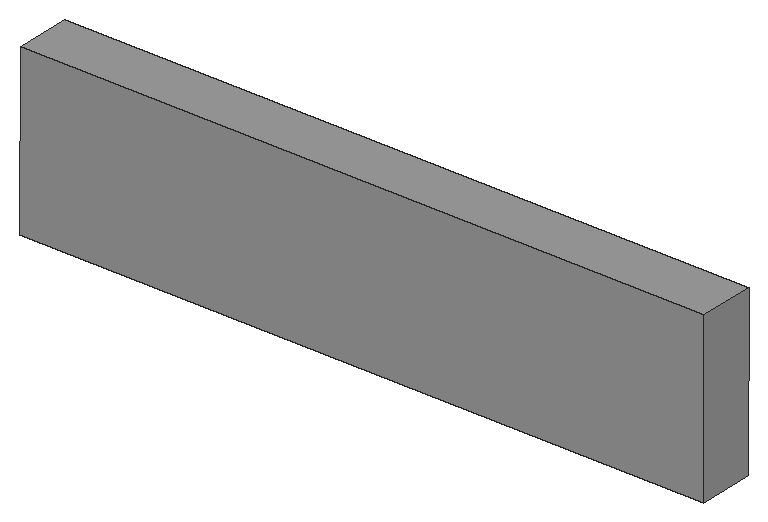
Revit family "figlio3", category Generic Models, Revit 2019
Family settings
  Can host rebar = No
  Round Connector Dimension = Use Diameter
  Part Type = Normal
  Cut with Voids When Loaded = No
  Shared = No
  Room Calculation Point = No
Parameters
  legno = Default Wall(1)
  h1 = 30 cm
  b1 = 10 cm
  built-in parameter 1001306 [instance] = 121.92 cm
Reference planes (cm)
  plane 1 "Center (Front/Back)": y = 0
  plane 2: z = 0
  plane 3 "Left": x = 0
  plane 4 "Right": x = 121.92
  plane 5: y = -10
  plane 6: z = 30
Forms (cm)
  Extrusion 1, solid, material "Default Wall(1)" <- "legno"
    sketch origin (0, 0, 0) x (0, 1, 0) y (0, 0, 1)
      loop
        line (0, 30) -> (-10, 30) -> (-10, 0) -> (0, 0) -> (0, 30)
    from 0 to 121.92
Lines and regions (cm)
  reference lines
    curve 1: line (0, 0, 0) -> (121.92, 0, 0)
Dimensions and locks (cm)
  "built-in parameter 1001306": plane 3 "Left" to plane 4 "Right"
  "h1": plane 6 to level
  "b1": plane 1 "Center (Front/Back)" to plane 5
  aligned and locked: plane 4 "Right" to curve 1
  aligned and locked: plane 1 "Center (Front/Back)" to curve 1
  aligned and locked: plane 3 "Left" to curve 1
  aligned and locked: level to plane 2
  aligned and locked: plane 6 to Extrusion 1
  aligned and locked: plane 5 to Extrusion 1
  aligned and locked: Extrusion 1 to level
  aligned and locked: Extrusion 1 to plane 1 "Center (Front/Back)"
  aligned and locked: plane 4 "Right" to Extrusion 1
Automatic sketch dimensions
  plane 5 to Extrusion 1 sketch curve = 0 cm
  Extrusion 1 sketch curve to plane 1 "Center (Front/Back)" = 0 cm
  Extrusion 1 sketch curve to level = 0 cm
  plane 6 to Extrusion 1 sketch curve = 0 cm
